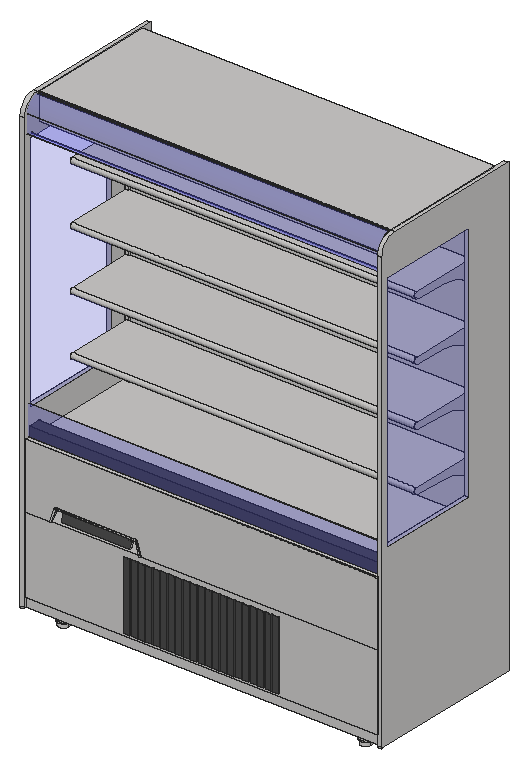
Revit family "Food-Service-Equipment_Oscartek_H78_1540", category Specialty Equipment, Revit 2026
Family settings
  Round Connector Dimension = Use Diameter
  Part Type = Normal
  Classification Number = 23.40.40.11
  Work Plane-Based = No
  Enable Cutting in Views = No
  Always vertical = Yes
  Cut with Voids When Loaded = No
  Maintain Annotation Orientation = No
  Shared = No
  Room Calculation Point = No
Parameters
  Width = 60 3/4"  # constant formula
  Weight in Pounds = 660
  Watts = Volts * FL Amps  # 2200 W
  Waste Water Discharge Temperature [instance] = -459.67 °F
  Volts = 220 V
  URL Cutsheet = "www.oscartek.com"
  URL = "www.oscartek.com"
  Type Mark [instance] = ""
  Type Comments = "As Specified"
  Test Data = "http://www.oscartek.com/company/clients.php"
  Status [instance] = ""
  Specification by User [instance] = ""
  Specification by Manufacturer = ""
  Specification = "https://www.arcat.com/arcatcos/cos48/arc48760.html"
  Show Square Side [instance] = no
  Show Round Side [instance] = not(Show Square Side)  # yes
  Serial Number = ""
  Seismic Rating = ""
  Sales Information = "http://www.oscartek.com/company/contact.php"
  SMACNA No = ""
  Revision Code [instance] = ""
  Revision = "R1_2018-10"
  Product Data = "http://www.oscartek.com/support/manuals/"
  Plumbing Remarks [instance] = ""
  Plumbing Connection Type [instance] = ""
  Phase = 1
  Omniclass Number and Title = ""
  Number of Poles [instance] = 1
  NAFEM Spec ID Number = ""
  Model = "H78 1540"
  Min Ckt Ampacity = 0 A
  Max Overcurrent Protection = 0 A
  Masterspec = ""
  Manufacturer Website = "http://www.oscartek.com/index.php"
  Manufacturer Phone - Toll Free = "855-885-2400"
  Manufacturer Phone = "650-342-2400"
  Manufacturer Fax = "650-342-7400"
  Manufacturer Address = "361 Beach Rd., Burlingame, CA 94010"
  Manufacturer = "OSCARTEK"
  Item Number [instance] = ""
  Installed By [instance] = ""
  Installation-Fabrication = "http://www.oscartek.com/support/manuals/"
  Indirect Waste Size = 1"
  Indirect Waste Flow [instance] = 0 GPM
  Indirect Waste Connection Type [instance] = ""
  Indirect Waste Connection Height = 0"
  Identify Quantity as Lot [instance] = yes
  HP = ""
  Green Building-LEED = "https://www.arcat.com/green/green_building.shtml"
  Furnished By [instance] = ""
  Foodservice Equipment Identifier [instance] = yes
  FL Amps = 10 A
  Electrical Remarks [instance] = ""
  Electric Connection Type [instance] = ""
  Elec Conn RI Height [instance] = 0"
  Elec Conn Connection Height [instance] = 0"
  Drawn By = "Sumex Design, Inc. / Robert S. Weygant, CSI, CDT, SCIP"
  Description = "MURO H78 SELF SERVE AIR SCREEN WALL REFRIGERATION SHOWCASES"
  Default Elevation = 0"
  Cycle = 60 Hz
  Copyright = "©Arcat Inc."
  Construction Details = "http://www.oscartek.com/support/manuals/"
  Conn Plug = ""
  Conn Conduit = yes
  Category = ""
  CSI MasterFormat = "11 41 33"
  CSI Master Format = "Foodservice Shelving"
  Building Codes = "https://www.arcat.com/arcatcos/cos48/arc48760.html"
  Apparent Power = if(Phase = 3, Volts * FL Amps * 1.73, Volts * FL Amps)  # 2200 VA
Reference planes (in)
  plane 1 "BACK": y = 0
  plane 2: z = 0
  plane 3 "LEFT": x = 0
  plane 4 "RIGHT": x = 60.75
  plane 5 "FRONT": y = -26.5
  plane 6 "TOP": z = 78.75
  plane 7 "Center Y": x = 30.375
  plane 8 "Center X": y = -13.25
  plane 9: z = 3.271
  plane 10: x = 0.75
  plane 11: x = 60
  plane 12: z = 16.75
Forms (in)
  Extrusion 1, solid, material "QF_Finishes_Stainless Steel", visible <- "Show Round Side"
    sketch origin (0, 0, 0) x (0, 1, 0) y (0, 0, 1)
      loop
        line (-26.46197, 2.20472) -> (0, 2.20472) -> (0, 78.75) -> (-23.75, 78.75)
        arc (-23.75, 78.75) -> (-25.69454, 77.94454) -> (-26.5, 76) r 2.75
        line (-26.5, 76) -> (-26.5, 2.24275)
        arc (-26.5, 2.24275) -> (-26.48886, 2.21586) -> (-26.46197, 2.20472) r 0.03803
      loop
        line (-25.5, 72.5) -> (-25.5, 31.95472) -> (-8.25, 31.95472) -> (-8.25, 72.5) -> (-25.5, 72.5)
    from 0 to 0.75
  Extrusion 2, solid, material "QF_Finishes_Stainless Steel", visible <- "Show Round Side"
    sketch origin (60.75, 0, 0) x (0, 1, 0) y (0, 0, 1)
      loop
        line (-26.46197, 2.20472) -> (0, 2.20472) -> (0, 78.75) -> (-23.75, 78.75)
        arc (-23.75, 78.75) -> (-25.69454, 77.94454) -> (-26.5, 76) r 2.75
        line (-26.5, 76) -> (-26.5, 2.24275)
        arc (-26.5, 2.24275) -> (-26.48886, 2.21586) -> (-26.46197, 2.20472) r 0.03803
      loop
        line (-25.5, 72.5) -> (-25.5, 31.95472) -> (-8.25, 31.95472) -> (-8.25, 72.5) -> (-25.5, 72.5)
    from 0 to -0.75
  Extrusion 3, solid, material "QF_Finishes_Stainless Steel"
    sketch origin (0, 0, 0) x (0, 1, 0) y (0, 0, 1)
      loop
        line (-26.34338, 2.40551) -> (-20.83158, 2.40551) -> (-20.83158, 3.937) -> (-26.34338, 3.937) -> (-26.34338, 2.40551)
      loop
        line (-6.97334, 2.40551) -> (-1.46154, 2.40551) -> (-1.46154, 3.937) -> (-6.97334, 3.937) -> (-6.97334, 2.40551)
    from 0.75 to 60
  Extrusion 4, solid, material "QF_Finishes_Stainless Steel"
    sketch origin (0, 0, 0) x (0, 1, 0) y (0, 0, 1)
      loop
        line (-26.40231, 3.937) -> (-1.86816, 3.937) -> (-1.86816, 74.20535) -> (-5.74413, 74.20535) -> (-5.74413, 20.17005) -> (-20.70592, 18.5975) -> (-24.50591, 20.79142) -> (-24.50591, 27.12554)
        arc (-24.50591, 27.12554) -> (-24.51736, 27.1533) -> (-24.54506, 27.16491) r 0.03937
        line (-24.54506, 27.16491) -> (-25.68701, 27.16491) -> (-25.68701, 27.63786)
        arc (-25.68701, 27.63786) -> (-25.69839, 27.66534) -> (-25.72586, 27.67672) r 0.03885
        line (-25.72586, 27.67672) -> (-26.41972, 27.67672)
        arc (-26.41972, 27.67672) -> (-26.44719, 27.66534) -> (-26.45857, 27.63788) r 0.03885
        line (-26.45857, 27.63788) -> (-26.46237, 16.75) -> (-26.40231, 16.75) -> (-26.40231, 3.937)
    from 0.75 to 60
  Extrusion 5, solid, material "QF_Finishes_Black"
    sketch origin (0, 0, 0) x (0, 1, 0) y (0, 0, 1)
      loop
        line (-25.68701, 27.16491) -> (-24.50591, 27.16491) -> (-24.50591, 20.79142) -> (-20.70592, 18.5975) -> (-5.74413, 20.17005) -> (-5.74413, 27.19737) -> (-22.53741, 27.19737) -> (-22.53741, 27.64347) -> (-23.70681, 29.31355)
        arc (-23.70681, 29.31355) -> (-23.72081, 29.32583) -> (-23.7389, 29.33026) r 0.03918
        line (-23.7389, 29.33026) -> (-25.64296, 29.33026)
        arc (-25.64296, 29.33026) -> (-25.67411, 29.31735) -> (-25.68701, 29.2862) r 0.04405
        line (-25.68701, 29.2862) -> (-25.68701, 27.16491)
    from 0.75 to 60
  Extrusion 6, solid, material "QF_Finishes_Stainless Steel"
    sketch origin (0, 0, 0) x (0, 1, 0) y (0, 0, 1)
      loop
        line (-22.51772, 27.20355) -> (-6.01382, 27.20355) -> (-6.01382, 27.67965) -> (-22.47332, 27.67965)
        arc (-22.47332, 27.67965) -> (-22.50472, 27.66665) -> (-22.51772, 27.63525) r 0.0444
        line (-22.51772, 27.63525) -> (-22.51772, 27.20355)
    from 0.75 to 60
  Extrusion 7, solid, material "QF_Finishes_Stainless Steel"
    sketch origin (0, -11.98827, 0) x (1, 0, 0) y (0, 1, 0)
      loop
        line (1.25, 5.99413) -> (1.75, 5.99413) -> (1.75, 6.24413) -> (1.25, 6.24413) -> (1.25, 5.99413)
      loop
        line (59.5, 5.99413) -> (59.5, 6.24413) -> (59, 6.24413) -> (59, 5.99413) -> (59.5, 5.99413)
    from 27.19737 to 73.95535
  Extrusion 8, solid, material "QF_Finishes_Stainless Steel"
    sketch origin (60.75, 0, 0) x (0, 1, 0) y (0, 0, 1)
      loop
        line (-5.99413, 36.89332) -> (-17.34146, 36.89332)
        arc (-17.34146, 36.89332) -> (-17.76886, 36.5717) -> (-17.57818, 36.07196) r 0.44479
        arc (-17.57818, 36.07196) -> (-17.19475, 35.89628) -> (-16.77882, 35.82639) r 1.60739
        line (-16.77882, 35.82639) -> (-11.71459, 35.64954)
        arc (-11.71459, 35.64954) -> (-8.59315, 34.99725) -> (-5.99413, 33.14954) r 7.79473
        line (-5.99413, 33.14954) -> (-5.99413, 36.89332)
      loop
        line (-5.99413, 46.69645) -> (-17.34146, 46.69645)
        arc (-17.34146, 46.69645) -> (-17.76886, 46.37483) -> (-17.57818, 45.87508) r 0.44479
        arc (-17.57818, 45.87508) -> (-17.19475, 45.69941) -> (-16.77882, 45.62952) r 1.60739
        line (-16.77882, 45.62952) -> (-11.71459, 45.45267)
        arc (-11.71459, 45.45267) -> (-8.59315, 44.80038) -> (-5.99413, 42.95267) r 7.79473
        line (-5.99413, 42.95267) -> (-5.99413, 46.69645)
      loop
        line (-5.99413, 56.49957) -> (-17.34146, 56.49958)
        arc (-17.34146, 56.49958) -> (-17.76886, 56.17796) -> (-17.57818, 55.67821) r 0.44479
        arc (-17.57818, 55.67821) -> (-17.19475, 55.50254) -> (-16.77882, 55.43264) r 1.60739
        line (-16.77882, 55.43264) -> (-11.71459, 55.2558)
        arc (-11.71459, 55.2558) -> (-8.59315, 54.6035) -> (-5.99413, 52.7558) r 7.79473
        line (-5.99413, 52.7558) -> (-5.99413, 56.49957)
      loop
        line (-5.99413, 66.3027) -> (-17.34146, 66.3027)
        arc (-17.34146, 66.3027) -> (-17.76886, 65.98109) -> (-17.57818, 65.48134) r 0.44479
        arc (-17.57818, 65.48134) -> (-17.19475, 65.30566) -> (-16.77882, 65.23577) r 1.60739
        line (-16.77882, 65.23577) -> (-11.71459, 65.05893)
        arc (-11.71459, 65.05893) -> (-8.59315, 64.40663) -> (-5.99413, 62.55893) r 7.79473
        line (-5.99413, 62.55893) -> (-5.99413, 66.3027)
    from -1.5625 to -1.4375
  Extrusion 9, solid, material "Glass"
    sketch origin (0, 0, 0) x (1, 0, 0) y (0, 1, 0)
      loop
        line (0.75, -25.8878) -> (60, -25.8878) -> (60, -25.68701) -> (0.75, -25.68701) -> (0.75, -25.8878)
    from 27.67672 to 32.79482
  Extrusion 10, solid, material "QF_Finishes_Stainless Steel"
    sketch origin (0, -21.8612, 29.41271) x (0, -0.264111, -0.964492) y (1, 0, 0)
      loop
        line (10.91245, 4.87364) -> (13.41245, 4.87364) -> (13.41245, 20.40346) -> (10.91245, 20.40346) -> (10.91245, 4.87364)
    from 0.96884 to 1.03549
  Extrusion 11, solid, material "QF_Finishes_Stainless Steel"
    sketch origin (0, 0, 0) x (1, 0, 0) y (0, 0, 1)
      loop
        line (5.64183, 18.76487) -> (5.02582, 16.75) -> (5.28724, 16.75) -> (5.8809, 18.69178)
        arc (5.8809, 18.69178) -> (5.97127, 18.81965) -> (6.11998, 18.86869) r 0.25
        line (6.11998, 18.86869) -> (19.13002, 18.86869)
        arc (19.13002, 18.86869) -> (19.27873, 18.81965) -> (19.3691, 18.69178) r 0.25
        line (19.3691, 18.69178) -> (19.96276, 16.75) -> (20.22418, 16.75) -> (19.60817, 18.76487)
        arc (19.60817, 18.76487) -> (19.42743, 19.02062) -> (19.13002, 19.11869) r 0.5
        line (19.13002, 19.11869) -> (6.11998, 19.11869)
        arc (6.11998, 19.11869) -> (5.82257, 19.02062) -> (5.64183, 18.76487) r 0.5
    from 25.13374 to 26.48762
  Extrusion 12, void
    sketch origin (0, 0, 0) x (1, 0, 0) y (0, 0, 1)
      loop
        arc (6.11998, 18.86869) -> (5.97127, 18.81965) -> (5.8809, 18.69178) r 0.25
        line (5.8809, 18.69178) -> (5.28724, 16.75) -> (19.96276, 16.75) -> (19.3691, 18.69178)
        arc (19.3691, 18.69178) -> (19.27873, 18.81965) -> (19.13002, 18.86869) r 0.25
        line (19.13002, 18.86869) -> (6.11998, 18.86869)
    from 25.13374 to 26.46149
  Extrusion 13, solid, material "QF_Finishes_Stainless Steel"
    sketch origin (0, 0, 0) x (0, 1, 0) y (0, 0, 1)
      loop
        line (-26.3643, 16.75) -> (-25.13374, 16.75) -> (-25.13374, 18.86869) -> (-25.80422, 18.86869) -> (-26.3643, 16.75)
    from 4.87364 to 20.40346
  Extrusion 14, solid, material "QF_Finishes_Stainless Steel"
    sketch origin (0, 0, 0) x (1, 0, 0) y (0, 1, 0)
      loop
        circle (56.75, -19.25) r 0.5
    from 16.18107 to 18.86869
  Extrusion 15, solid, material "QF_Finishes_Stainless Steel"
    sketch origin (0, -22.85993, 29.6862) x (0, -0.264111, -0.964492) y (1, 0, 0)
      loop
        arc (12.91245, 18.15026) -> (12.82092, 18.37123) -> (12.59995, 18.46276) r 0.3125
        line (12.59995, 18.46276) -> (12.02826, 18.46276)
        arc (12.02826, 18.46276) -> (11.80729, 18.37123) -> (11.71576, 18.15026) r 0.3125
        line (11.71576, 18.15026) -> (11.71576, 7.10053)
        arc (11.71576, 7.10053) -> (11.80752, 6.879) -> (12.02905, 6.78724) r 0.31329
        line (12.02905, 6.78724) -> (12.59995, 6.78724)
        arc (12.59995, 6.78724) -> (12.82092, 6.87877) -> (12.91245, 7.09974) r 0.3125
        line (12.91245, 7.09974) -> (12.91245, 18.15026)
    from 0 to 0.125
  Extrusion 16, solid, material "QF_Finishes_Black"
    sketch origin (0, -26.40231, 4.01088) x (0, 0, -1) y (1, 0, 0)
      loop
        line (-11.77886, 20.88176) -> (-11.77886, 19.88176) -> (-0.27886, 19.88176) -> (-0.27886, 20.88176) -> (-11.77886, 20.88176)
      loop
        line (-0.27886, 22.13176) -> (-11.77886, 22.13176) -> (-11.77886, 21.13176) -> (-0.27886, 21.13176) -> (-0.27886, 22.13176)
      loop
        line (-0.27886, 23.38176) -> (-11.77886, 23.38176) -> (-11.77886, 22.38176) -> (-0.27886, 22.38176) -> (-0.27886, 23.38176)
      loop
        line (-0.27886, 24.63176) -> (-11.77886, 24.63176) -> (-11.77886, 23.63176) -> (-0.27886, 23.63176) -> (-0.27886, 24.63176)
      loop
        line (-11.77886, 25.88176) -> (-11.77886, 24.88176) -> (-0.27886, 24.88176) -> (-0.27886, 25.88176) -> (-11.77886, 25.88176)
      loop
        line (-11.77886, 26.13176) -> (-0.27886, 26.13176) -> (-0.27886, 27.13176) -> (-11.77886, 27.13176) -> (-11.77886, 26.13176)
      loop
        line (-11.77886, 27.38176) -> (-0.27886, 27.38176) -> (-0.27886, 28.38176) -> (-11.77886, 28.38176) -> (-11.77886, 27.38176)
      loop
        line (-0.27886, 28.63176) -> (-0.27886, 29.63176) -> (-11.77886, 29.63176) -> (-11.77886, 28.63176) -> (-0.27886, 28.63176)
      loop
        line (-11.77886, 29.88176) -> (-0.27886, 29.88176) -> (-0.27886, 30.88176) -> (-11.77886, 30.88176) -> (-11.77886, 29.88176)
      loop
        line (-11.77886, 31.13176) -> (-0.27886, 31.13176) -> (-0.27886, 32.13176) -> (-11.77886, 32.13176) -> (-11.77886, 31.13176)
      loop
        line (-0.27886, 32.38176) -> (-0.27886, 33.38176) -> (-11.77886, 33.38176) -> (-11.77886, 32.38176) -> (-0.27886, 32.38176)
      loop
        line (-11.77886, 18.38176) -> (-11.77886, 17.38176) -> (-0.27886, 17.38176) -> (-0.27886, 18.38176) -> (-11.77886, 18.38176)
      loop
        line (-0.27886, 19.63176) -> (-11.77886, 19.63176) -> (-11.77886, 18.63176) -> (-0.27886, 18.63176) -> (-0.27886, 19.63176)
      loop
        line (-11.77886, 33.63176) -> (-0.27886, 33.63176) -> (-0.27886, 34.63176) -> (-11.77886, 34.63176) -> (-11.77886, 33.63176)
      loop
        line (-0.27886, 34.88176) -> (-0.27886, 35.88176) -> (-11.77886, 35.88176) -> (-11.77886, 34.88176) -> (-0.27886, 34.88176)
      loop
        line (-11.77886, 39.86824) -> (-0.27886, 39.86824) -> (-0.27886, 40.86824) -> (-11.77886, 40.86824) -> (-11.77886, 39.86824)
      loop
        line (-0.27886, 38.61824) -> (-0.27886, 39.61824) -> (-11.77886, 39.61824) -> (-11.77886, 38.61824) -> (-0.27886, 38.61824)
      loop
        line (-0.27886, 37.36824) -> (-0.27886, 38.36824) -> (-11.77886, 38.36824) -> (-11.77886, 37.36824) -> (-0.27886, 37.36824)
      loop
        line (-0.27886, 36.11824) -> (-0.27886, 37.11824) -> (-11.77886, 37.11824) -> (-11.77886, 36.11824) -> (-0.27886, 36.11824)
      loop
        line (-11.77886, 42.36824) -> (-0.27886, 42.36824) -> (-0.27886, 43.36824) -> (-11.77886, 43.36824) -> (-11.77886, 42.36824)
      loop
        line (-0.27886, 41.11824) -> (-0.27886, 42.11824) -> (-11.77886, 42.11824) -> (-11.77886, 41.11824) -> (-0.27886, 41.11824)
    from 0 to 0.0625
  Revolve 17, solid, material "QF_Finishes_Stainless Steel"
    sketch origin (28.62286, -23.62286, 0) x (1, 0, 0) y (0, 0, 1)
      loop
        line (-23.62286, 0) -> (-22.75672, 0) -> (-22.75672, 0.69791) -> (-22.67415, 0.69791)
        arc (-22.67415, 0.69791) -> (-22.56591, 0.7425) -> (-22.5205, 0.85039) r 0.15366
        line (-22.5205, 0.85039) -> (-22.5205, 2.40551) -> (-23.62286, 2.40551) -> (-23.62286, 0)
      axis (-23.62286, 0) -> (-23.62286, 2.40551)
    angle from 0 to 360
  Revolve 18, solid, material "QF_Finishes_Stainless Steel"
    sketch origin (28.62286, -4.25282, 0) x (1, 0, 0) y (0, 0, 1)
      loop
        line (-23.62286, 0) -> (-22.75672, 0) -> (-22.75672, 0.69791) -> (-22.67415, 0.69791)
        arc (-22.67415, 0.69791) -> (-22.56591, 0.7425) -> (-22.5205, 0.85039) r 0.15366
        line (-22.5205, 0.85039) -> (-22.5205, 2.40551) -> (-23.62286, 2.40551) -> (-23.62286, 0)
      axis (-23.62286, 0) -> (-23.62286, 2.40551)
    angle from 0 to 360
  Revolve 19, solid, material "QF_Finishes_Stainless Steel"
    sketch origin (-3.37286, -23.62286, 0) x (-1, 0, 0) y (0, 0, -1)
      loop
        line (-59.12286, 0) -> (-59.12286, -2.40551) -> (-58.0205, -2.40551) -> (-58.0205, -0.85039)
        arc (-58.0205, -0.85039) -> (-58.06591, -0.7425) -> (-58.17415, -0.69791) r 0.15366
        line (-58.17415, -0.69791) -> (-58.25672, -0.69791) -> (-58.25672, 0) -> (-59.12286, 0)
      axis (-59.12286, 0) -> (-59.12286, -2.40551)
    angle from 0 to 360
  Revolve 20, solid, material "QF_Finishes_Stainless Steel"
    sketch origin (-3.37286, -4.25282, 0) x (-1, 0, 0) y (0, 0, -1)
      loop
        line (-59.12286, 0) -> (-59.12286, -2.40551) -> (-58.0205, -2.40551) -> (-58.0205, -0.85039)
        arc (-58.0205, -0.85039) -> (-58.06591, -0.7425) -> (-58.17415, -0.69791) r 0.15366
        line (-58.17415, -0.69791) -> (-58.25672, -0.69791) -> (-58.25672, 0) -> (-59.12286, 0)
      axis (-59.12286, 0) -> (-59.12286, -2.40551)
    angle from 0 to 360
  Extrusion 21, solid, material "Glass", visible <- "Show Round Side"
    sketch origin (0, 0, 0) x (0, -1, 0) y (0, 0, 1)
      loop
        line (8.25, 72.5) -> (8.25, 31.95472) -> (25.5, 31.95472) -> (25.5, 72.5) -> (8.25, 72.5)
    from 0 to -0.75
  Extrusion 22, solid, material "Glass", visible <- "Show Round Side"
    sketch origin (60.75, 0, 0) x (0, 1, 0) y (0, 0, 1)
      loop
        line (-8.25, 72.5) -> (-25.5, 72.5) -> (-25.5, 31.95472) -> (-8.25, 31.95472) -> (-8.25, 72.5)
    from 0 to -0.75
  Extrusion 23, solid, material "QF_Finishes_Stainless Steel"
    sketch origin (0, 0, 0) x (0, 1, 0) y (0, 0, -1)
      loop
        line (-5.99413, -36.89332) -> (-5.99413, -33.14954)
        arc (-5.99413, -33.14954) -> (-8.59315, -34.99725) -> (-11.71459, -35.64954) r 7.79473
        line (-11.71459, -35.64954) -> (-16.77882, -35.82639)
        arc (-16.77882, -35.82639) -> (-17.19475, -35.89628) -> (-17.57818, -36.07196) r 1.60739
        arc (-17.57818, -36.07196) -> (-17.76886, -36.5717) -> (-17.34146, -36.89332) r 0.44479
        line (-17.34146, -36.89332) -> (-5.99413, -36.89332)
      loop
        line (-5.99413, -46.69645) -> (-5.99413, -42.95267)
        arc (-5.99413, -42.95267) -> (-8.59315, -44.80038) -> (-11.71459, -45.45267) r 7.79473
        line (-11.71459, -45.45267) -> (-16.77882, -45.62952)
        arc (-16.77882, -45.62952) -> (-17.19475, -45.69941) -> (-17.57818, -45.87508) r 1.60739
        arc (-17.57818, -45.87508) -> (-17.76886, -46.37483) -> (-17.34146, -46.69645) r 0.44479
        line (-17.34146, -46.69645) -> (-5.99413, -46.69645)
      loop
        line (-5.99413, -56.49957) -> (-5.99413, -52.7558)
        arc (-5.99413, -52.7558) -> (-8.59315, -54.6035) -> (-11.71459, -55.2558) r 7.79473
        line (-11.71459, -55.2558) -> (-16.77882, -55.43264)
        arc (-16.77882, -55.43264) -> (-17.19475, -55.50254) -> (-17.57818, -55.67821) r 1.60739
        arc (-17.57818, -55.67821) -> (-17.76886, -56.17796) -> (-17.34146, -56.49958) r 0.44479
        line (-17.34146, -56.49958) -> (-5.99413, -56.49957)
      loop
        line (-5.99413, -66.3027) -> (-5.99413, -62.55893)
        arc (-5.99413, -62.55893) -> (-8.59315, -64.40663) -> (-11.71459, -65.05893) r 7.79473
        line (-11.71459, -65.05893) -> (-16.77882, -65.23577)
        arc (-16.77882, -65.23577) -> (-17.19475, -65.30566) -> (-17.57818, -65.48134) r 1.60739
        arc (-17.57818, -65.48134) -> (-17.76886, -65.98109) -> (-17.34146, -66.3027) r 0.44479
        line (-17.34146, -66.3027) -> (-5.99413, -66.3027)
    from -1.5625 to -1.4375
  Extrusion 24, solid, material "QF_Finishes_Stainless Steel"
    sketch origin (0, 0, 0) x (0, 1, 0) y (0, 0, -1)
      loop
        line (-5.99413, -36.89332) -> (-5.99413, -35.82639) -> (-16.77882, -35.82639)
        arc (-16.77882, -35.82639) -> (-17.19475, -35.89628) -> (-17.57818, -36.07196) r 1.60739
        arc (-17.57818, -36.07196) -> (-17.76886, -36.5717) -> (-17.34146, -36.89332) r 0.44479
        line (-17.34146, -36.89332) -> (-5.99413, -36.89332)
      loop
        line (-5.99413, -46.69645) -> (-5.99413, -45.62952) -> (-16.77882, -45.62952)
        arc (-16.77882, -45.62952) -> (-17.19475, -45.69941) -> (-17.57818, -45.87508) r 1.60739
        arc (-17.57818, -45.87508) -> (-17.76886, -46.37483) -> (-17.34146, -46.69645) r 0.44479
        line (-17.34146, -46.69645) -> (-5.99413, -46.69645)
      loop
        line (-5.99413, -56.49957) -> (-5.99413, -55.43264) -> (-16.77882, -55.43264)
        arc (-16.77882, -55.43264) -> (-17.19475, -55.50254) -> (-17.57818, -55.67821) r 1.60739
        arc (-17.57818, -55.67821) -> (-17.76886, -56.17796) -> (-17.34146, -56.49958) r 0.44479
        line (-17.34146, -56.49958) -> (-5.99413, -56.49957)
      loop
        line (-5.99413, -66.3027) -> (-5.99413, -65.23577) -> (-16.77882, -65.23577)
        arc (-16.77882, -65.23577) -> (-17.19475, -65.30566) -> (-17.57818, -65.48134) r 1.60739
        arc (-17.57818, -65.48134) -> (-17.76886, -65.98109) -> (-17.34146, -66.3027) r 0.44479
        line (-17.34146, -66.3027) -> (-5.99413, -66.3027)
    from -59.1875 to -1.5625
  Extrusion 25, solid, material "QF_Finishes_Stainless Steel", visible <- "Show Round Side"
    sketch origin (0, 0, 0) x (0, 1, 0) y (0, 0, 1)
      loop
        line (-1.86816, 74.20535) -> (-1.86816, 78.75) -> (-23.61812, 78.75) -> (-23.61812, 74.20535) -> (-1.86816, 74.20535)
      loop
        arc (-26.12086, 73.35631) -> (-26.07664, 73.24957) -> (-25.9699, 73.20535) r 0.15096
        line (-25.9699, 73.20535) -> (-25.18659, 73.20535)
        arc (-25.18659, 73.20535) -> (-25.12409, 73.26785) -> (-25.18659, 73.33035) r 0.0625
        line (-25.18659, 73.33035) -> (-25.99586, 73.33035) -> (-25.99586, 76.375)
        arc (-25.99586, 76.375) -> (-25.37346, 77.8776) -> (-23.87086, 78.5) r 2.125
        line (-23.87086, 78.5) -> (-23.63863, 78.5) -> (-23.63863, 78.625) -> (-23.87086, 78.625)
        arc (-23.87086, 78.625) -> (-25.46185, 77.96599) -> (-26.12086, 76.375) r 2.25
        line (-26.12086, 76.375) -> (-26.12086, 73.35631)
    from 0.75 to 60
  Extrusion 26, solid, material "QF_Finishes_Stainless Steel", visible <- "Show Square Side"
    sketch origin (0, 0, 0) x (0, 1, 0) y (0, 0, 1)
      loop
        line (-26.46197, 2.20472) -> (0, 2.20472) -> (0, 78.5) -> (-26.46855, 78.5)
        arc (-26.46855, 78.5) -> (-26.49079, 78.49079) -> (-26.5, 78.46855) r 0.03145
        line (-26.5, 78.46855) -> (-26.5, 2.24275)
        arc (-26.5, 2.24275) -> (-26.48886, 2.21586) -> (-26.46197, 2.20472) r 0.03803
    from 0 to 0.75
  Extrusion 27, solid, material "QF_Finishes_Stainless Steel", visible <- "Show Square Side"
    sketch origin (60.75, 0, 0) x (0, 1, 0) y (0, 0, 1)
      loop
        line (-26.46197, 2.20472) -> (0, 2.20472) -> (0, 78.5) -> (-26.46855, 78.5)
        arc (-26.46855, 78.5) -> (-26.49079, 78.49079) -> (-26.5, 78.46855) r 0.03145
        line (-26.5, 78.46855) -> (-26.5, 2.24275)
        arc (-26.5, 2.24275) -> (-26.48886, 2.21586) -> (-26.46197, 2.20472) r 0.03803
    from 0 to -0.75
  Extrusion 28, solid, material "QF_Finishes_Stainless Steel", visible <- "Show Square Side"
    sketch origin (0, 0, 0) x (0, 1, 0) y (0, 0, 1)
      loop
        line (-1.86816, 73.95535) -> (-1.86816, 78.5) -> (-26.46855, 78.5)
        arc (-26.46855, 78.5) -> (-26.49079, 78.49079) -> (-26.5, 78.46855) r 0.03145
        line (-26.5, 78.46855) -> (-26.5, 72.95281)
        arc (-26.5, 72.95281) -> (-26.4861, 72.91926) -> (-26.45256, 72.90536) r 0.04744
        line (-26.45256, 72.90536) -> (-26.06693, 72.90536)
        arc (-26.06693, 72.90536) -> (-26.02559, 72.9467) -> (-26.06693, 72.98804) r 0.04134
        line (-26.06693, 72.98804) -> (-26.33346, 72.98804) -> (-26.33346, 74.19651) -> (-25.63361, 75.196) -> (-25.03709, 75.196)
        arc (-25.03709, 75.196) -> (-24.50394, 74.98804) -> (-23.97079, 75.196) r 0.7874
        line (-23.97079, 75.196) -> (-23.61812, 75.196) -> (-23.61812, 73.95535) -> (-1.86816, 73.95535)
    from 0.75 to 60
Cuts and joins
  Extrusion 12 cuts Extrusion 4
  joined: Extrusion 4, Extrusion 10, Extrusion 11, Extrusion 13
  joined: Extrusion 8, Extrusion 23, Extrusion 24
Lines and regions (in)
  symbolic lines
    curve 1: line (0.75, 0, 0) -> (0, 0, 0)
    curve 2: line (0.75, -26.5, 0) -> (0.75, 0, 0)
    curve 3: line (0, -26.5, 0) -> (0.75, -26.5, 0)
    curve 4: line (0, 0, 0) -> (0, -26.5, 0)
    curve 5: line (60, -26.5, 0) -> (60.75, -26.5, 0)
    curve 6: line (60, 0, 0) -> (60, -26.5, 0)
    curve 7: line (60.75, 0, 0) -> (60, 0, 0)
    curve 8: line (60.75, -26.5, 0) -> (60.75, 0, 0)
    curve 9: line (60, -1.46154, 0) -> (0.75, -1.46154, 0)
    curve 10: line (0.75, -26.25, 0) -> (60, -26.25, 0)
  symbolic lines, visible <- "Show Round Side"
    curve 11: line (0.75, -23.61812, 0) -> (60, -23.61812, 0)
Dimensions and locks (in)
  equal spacing: plane 3 "LEFT", plane 7 "Center Y", plane 4 "RIGHT"
  "Width": plane 3 "LEFT" to plane 4 "RIGHT"
  equal spacing: plane 5 "FRONT", plane 8 "Center X", plane 1 "BACK"
  plane 5 "FRONT" to plane 1 "BACK" = 26 1/2"
  plane 6 "TOP" to level = 78 3/4"
  locked: plane 3 "LEFT" to plane 10 at 0.75
  locked: plane 11 to plane 4 "RIGHT" at 0.75
  Extrusion 8 to Extrusion 8 to plane 4 "RIGHT" = 1/8" locked, 1 7/16" locked
  plane 12 to level = 16 3/4"
  Extrusion 11 sketch curve to Extrusion 11 sketch curve to Extrusion 11 sketch curve to Extrusion 11 sketch curve to Extrusion 11 sketch curve to Extrusion 11 sketch curve to Extrusion 11 sketch curve to Extrusion 11 sketch curve = 0.26142" locked, 0.83274" locked, 0" locked, 13.01004" locked, 0" locked, 0.83274" locked, 0.26142" locked
  plane 3 "LEFT" to Extrusion 10 sketch curve to Extrusion 10 sketch curve = 4.87364" locked, 15.52982" locked
  Extrusion 12 sketch curve to Extrusion 12 sketch curve to Extrusion 12 sketch curve to Extrusion 12 sketch curve = 0.83274" locked, 13.01004" locked, 0.83274" locked
  Revolve 19 sketch curve to Revolve 19 sketch curve to Revolve 19 sketch curve to Revolve 19 sketch curve to plane 4 "RIGHT" = 0.15365" locked, 0.08257" locked, 0.86614" locked, 5" locked
  Revolve 20 sketch curve to Revolve 20 sketch curve to Revolve 20 sketch curve to Revolve 20 sketch curve to plane 4 "RIGHT" = 0.15365" locked, 0.08257" locked, 0.86614" locked, 5" locked
  locked: Extrusion 23 to Extrusion 23 at 0.125
  aligned and locked: level to plane 2
  aligned and locked: plane 6 "TOP" to Extrusion 1 sketch curve
  aligned and locked: Extrusion 2 to plane 11
  aligned and locked: plane 10 to Extrusion 3
  aligned and locked: plane 11 to Extrusion 3
  aligned and locked: plane 10 to Extrusion 4
  aligned and locked: plane 11 to Extrusion 4
  aligned and locked: plane 10 to Extrusion 5
  aligned and locked: plane 11 to Extrusion 5
  aligned and locked: plane 10 to Extrusion 6
  aligned and locked: plane 11 to Extrusion 6
  aligned and locked: Extrusion 24 to Extrusion 23
  aligned and locked: Extrusion 24 to Extrusion 8
  aligned and locked: plane 11 to Extrusion 28
  aligned and locked: plane 11 to Extrusion 25
Automatic sketch dimensions
  plane 1 "BACK" to curve 1 = 0"
  curve 1 to plane 3 "LEFT" = 0"
  plane 5 "FRONT" to curve 3 = 0"
  curve 3 to plane 10 = 0"
  plane 5 "FRONT" to curve 6 = 0"
  curve 6 to plane 11 = 0"
  plane 1 "BACK" to curve 7 = 0"
  curve 7 to plane 4 "RIGHT" = 0"
  curve 10 to plane 5 "FRONT" = 1/4"
  plane 1 "BACK" to curve 9 = 1.46154"
  Extrusion 1 sketch curve to plane 5 "FRONT" = 0"
  Extrusion 1 sketch curve to plane 1 "BACK" = 0"
  Extrusion 1 sketch curve to plane 5 "FRONT" = 0.03803"
  Extrusion 1 sketch curve to plane 5 "FRONT" = 1"
  Extrusion 1 sketch curve to plane 5 "FRONT" = 2 3/4"
  plane 8 "Center X" to Extrusion 1 sketch curve = 5"
  Extrusion 1 sketch curve to Extrusion 1 sketch curve = 3 1/2"
  plane 12 to Extrusion 1 sketch curve = 15.20472"
  Extrusion 1 sketch curve to plane 9 = 1.02825"
  Extrusion 2 sketch curve to plane 5 "FRONT" = 0"
  Extrusion 2 sketch curve to plane 6 "TOP" = 0"
  Extrusion 2 sketch curve to plane 1 "BACK" = 0"
  Extrusion 2 sketch curve to plane 5 "FRONT" = 0.03803"
  Extrusion 2 sketch curve to plane 5 "FRONT" = 1"
  Extrusion 2 sketch curve to Extrusion 2 sketch curve = 2 3/4"
  plane 8 "Center X" to Extrusion 2 sketch curve = 5"
  Extrusion 2 sketch curve to Extrusion 2 sketch curve = 3 1/2"
  plane 12 to Extrusion 2 sketch curve = 15.20472"
  Extrusion 2 sketch curve to plane 9 = 1.02825"
  Extrusion 3 sketch curve to plane 5 "FRONT" = 0.15662"
  plane 9 to Extrusion 3 sketch curve = 0.666"  (x2)
  Extrusion 3 sketch curve to Extrusion 3 sketch curve = 5.5118"
  Extrusion 3 sketch curve to plane 9 = 0.86549"  (x2)
  plane 8 "Center X" to Extrusion 3 sketch curve = 6.27666"
  plane 1 "BACK" to Extrusion 3 sketch curve = 1.46154"
  Extrusion 4 sketch curve to plane 12 = 0"
  Extrusion 4 sketch curve to plane 5 "FRONT" = 0.03763"
  Extrusion 4 sketch curve to plane 5 "FRONT" = 0.04143"
  Extrusion 4 sketch curve to Extrusion 4 sketch curve = 0.03885"  (x3)
  Extrusion 4 sketch curve to plane 5 "FRONT" = 0.09769"
  Extrusion 4 sketch curve to Extrusion 4 sketch curve = 0.69386"
  Extrusion 4 sketch curve to Extrusion 4 sketch curve = 1.14173"
  Extrusion 4 sketch curve to Extrusion 4 sketch curve = 0.00022"
  Extrusion 4 sketch curve to Extrusion 4 sketch curve = 0.03937"
  plane 12 to Extrusion 4 sketch curve = 1.8475"
  Extrusion 4 sketch curve to Extrusion 4 sketch curve = 3.79999"
  plane 1 "BACK" to Extrusion 4 sketch curve = 5.74413"
  plane 9 to Extrusion 4 sketch curve = 0.666"
  plane 1 "BACK" to Extrusion 4 sketch curve = 1.86816"
  plane 12 to Extrusion 4 sketch curve = 3.42005"
  plane 12 to Extrusion 4 sketch curve = 4.04142"
  Extrusion 4 sketch curve to Extrusion 4 sketch curve = 6.33411"
  Extrusion 4 sketch curve to Extrusion 4 sketch curve = 0.47296"
  Extrusion 5 sketch curve to plane 5 "FRONT" = 0.81299"
  Extrusion 5 sketch curve to Extrusion 5 sketch curve = 0.04405"
  Extrusion 5 sketch curve to Extrusion 5 sketch curve = 0"  (x2)
  Extrusion 5 sketch curve to Extrusion 5 sketch curve = 1.1811"
  Extrusion 5 sketch curve to Extrusion 5 sketch curve = 1.90406"
  Extrusion 5 sketch curve to Extrusion 5 sketch curve = 0.03209"
  Extrusion 5 sketch curve to Extrusion 5 sketch curve = 1.9685"
  plane 12 to Extrusion 5 sketch curve = 1.8475"
  Extrusion 5 sketch curve to Extrusion 5 sketch curve = 3.79999"
  plane 1 "BACK" to Extrusion 5 sketch curve = 5.74413"
  plane 12 to Extrusion 5 sketch curve = 3.42005"
  plane 12 to Extrusion 5 sketch curve = 4.04142"
  Extrusion 5 sketch curve to Extrusion 5 sketch curve = 6.37348"
  Extrusion 5 sketch curve to Extrusion 5 sketch curve = 7.02732"
  Extrusion 5 sketch curve to Extrusion 5 sketch curve = 0.03247"
  Extrusion 5 sketch curve to Extrusion 5 sketch curve = 0.4461"
  Extrusion 5 sketch curve to Extrusion 5 sketch curve = 2.1213"
  Extrusion 5 sketch curve to Extrusion 5 sketch curve = 0.00488"
  Extrusion 5 sketch curve to Extrusion 5 sketch curve = 0.02247"
  Extrusion 6 sketch curve to plane 5 "FRONT" = 3.98228"
  Extrusion 6 sketch curve to Extrusion 6 sketch curve = 0.0444"
  plane 1 "BACK" to Extrusion 6 sketch curve = 6.01382"
  plane 12 to Extrusion 6 sketch curve = 10.45355"
  Extrusion 6 sketch curve to Extrusion 6 sketch curve = 0.4317"
  plane 10 to Extrusion 7 sketch curve = 1/2"
  Extrusion 7 sketch curve to Extrusion 7 sketch curve = 1/2"  (x2)
  plane 11 to Extrusion 7 sketch curve = 1"
  Extrusion 7 sketch curve to plane 1 "BACK" = 5.74413"  (x2)
  Extrusion 7 sketch curve to Extrusion 7 sketch curve = 1/4"  (x2)
  Extrusion 8 sketch curve to plane 8 "Center X" = 4.32818"  (x4)
  Extrusion 8 sketch curve to Extrusion 8 sketch curve = 0"  (x8)
  Extrusion 8 sketch curve to Extrusion 8 sketch curve = 0.23672"  (x4)
  Extrusion 8 sketch curve to Extrusion 8 sketch curve = 0.79936"  (x4)
  Extrusion 8 sketch curve to Extrusion 8 sketch curve = 0.61874"  (x4)
  plane 8 "Center X" to Extrusion 8 sketch curve = 1.53541"  (x4)
  Extrusion 8 sketch curve to Extrusion 8 sketch curve = 5.72045"  (x3)
  plane 1 "BACK" to Extrusion 8 sketch curve = 5.99413"
  plane 12 to Extrusion 8 sketch curve = 11.10482"
  Extrusion 8 sketch curve to Extrusion 8 sketch curve = 5.29473"
  Extrusion 8 sketch curve to Extrusion 8 sketch curve = 0.17685"  (x4)
  Extrusion 8 sketch curve to Extrusion 8 sketch curve = 0.24557"  (x4)
  Extrusion 8 sketch curve to Extrusion 8 sketch curve = 3.74377"  (x4)
  Extrusion 8 sketch curve to Extrusion 8 sketch curve = 2.0084"  (x3)
  Extrusion 8 sketch curve to Extrusion 8 sketch curve = 6.05935"  (x3)
  Extrusion 9 sketch curve to plane 10 = 0"
  Extrusion 9 sketch curve to plane 11 = 0"
  Extrusion 9 sketch curve to plane 5 "FRONT" = 0.6122"
  Extrusion 9 sketch curve to Extrusion 9 sketch curve = 0.20079"
  Extrusion 10 sketch curve to Extrusion 10 sketch curve = 2 1/2"
  Extrusion 11 sketch curve to Extrusion 11 sketch curve = 0"  (x4)
  Extrusion 11 sketch curve to plane 12 = 0"  (x2)
  Extrusion 11 sketch curve to plane 10 = 4.27582"
  Extrusion 11 sketch curve to Extrusion 11 sketch curve = 0.47815"
  plane 12 to Extrusion 11 sketch curve = 1.94178"  (x2)
  Extrusion 11 sketch curve to Extrusion 11 sketch curve = 0.23908"  (x3)
  Extrusion 11 sketch curve to Extrusion 11 sketch curve = 0.07309"  (x2)
  Extrusion 12 sketch curve to plane 12 = 0"
  Extrusion 12 sketch curve to plane 10 = 4.53724"
  plane 12 to Extrusion 12 sketch curve = 1.94178"
  Extrusion 12 sketch curve to Extrusion 12 sketch curve = 0.23908"  (x2)
  Extrusion 12 sketch curve to Extrusion 12 sketch curve = 0.07309"
  Extrusion 12 sketch curve to Extrusion 12 sketch curve = 1/4"
  Extrusion 13 sketch curve to plane 12 = 0"
  Extrusion 13 sketch curve to plane 5 "FRONT" = 0.1357"
  Extrusion 13 sketch curve to plane 5 "FRONT" = 0.69578"
  Extrusion 13 sketch curve to Extrusion 13 sketch curve = 0.67048"
  plane 12 to Extrusion 13 sketch curve = 2.11869"
  Extrusion 14 sketch curve to plane 11 = 3 1/4"
  Extrusion 14 sketch curve to plane 8 "Center X" = 6"
  Extrusion 15 sketch curve to Extrusion 10 = 0.80331"
  Extrusion 15 sketch curve to Extrusion 15 sketch curve = 5/16"  (x2)
  Extrusion 15 sketch curve to Extrusion 15 sketch curve = 0.31329"
  Extrusion 15 sketch curve to Extrusion 15 sketch curve = 0.57169"
  Extrusion 15 sketch curve to Extrusion 15 sketch curve = 0.5709"
  Extrusion 15 sketch curve to Extrusion 10 = 1.9136"
  Extrusion 15 sketch curve to Extrusion 10 = 2.2532"
  Revolve 17 sketch curve to level = 0"
  Revolve 17 sketch curve to plane 10 = 4 1/4"
  Revolve 17 sketch curve to Revolve 17 sketch curve = 0"  (x2)
  level to Revolve 17 sketch curve = 0.69791"
  Revolve 17 sketch curve to Revolve 17 sketch curve = 0.86614"
  Revolve 17 sketch curve to Revolve 17 sketch curve = 0.08257"
  Revolve 17 sketch curve to Revolve 17 sketch curve = 0.15365"
  Revolve 17 sketch curve to Revolve 17 sketch curve = 0.15248"
  Revolve 17 sketch curve to plane 9 = 0.86549"
  Revolve 17 sketch curve to Revolve 17 sketch curve = 1/4"
  Revolve 18 sketch curve to level = 0"
  Revolve 18 sketch curve to plane 10 = 4 1/4"
  Revolve 18 sketch curve to Revolve 18 sketch curve = 0"  (x2)
  level to Revolve 18 sketch curve = 0.69791"
  Revolve 18 sketch curve to Revolve 18 sketch curve = 0.86614"
  Revolve 18 sketch curve to Revolve 18 sketch curve = 0.08257"
  Revolve 18 sketch curve to Revolve 18 sketch curve = 0.15365"
  Revolve 18 sketch curve to Revolve 18 sketch curve = 0.15248"
  Revolve 18 sketch curve to plane 9 = 0.86549"
  Revolve 18 sketch curve to Revolve 18 sketch curve = 1/4"
  Revolve 19 sketch curve to level = 0"
  Revolve 19 sketch curve to Revolve 19 sketch curve = 0"
  Revolve 19 sketch curve to Revolve 19 sketch curve = 0.69791"
  Revolve 19 sketch curve to Revolve 19 sketch curve = 0.15248"
  Revolve 19 sketch curve to plane 9 = 0.86549"  (x2)
  Revolve 19 sketch curve to Revolve 19 sketch curve = 1/4"
  Revolve 20 sketch curve to level = 0"
  Revolve 20 sketch curve to Revolve 20 sketch curve = 0"
  Revolve 20 sketch curve to Revolve 20 sketch curve = 0.69791"
  Revolve 20 sketch curve to Revolve 20 sketch curve = 0.15248"
  Revolve 20 sketch curve to plane 9 = 0.86549"  (x2)
  Revolve 20 sketch curve to Revolve 20 sketch curve = 1/4"
  Extrusion 21 sketch curve to Extrusion 1 = 0"  (x4)
  Extrusion 22 sketch curve to plane 5 "FRONT" = 1"
  plane 8 "Center X" to Extrusion 22 sketch curve = 5"
  plane 12 to Extrusion 22 sketch curve = 15.20472"
  Extrusion 22 sketch curve to plane 6 "TOP" = 6 1/4"
  Extrusion 23 sketch curve to plane 8 "Center X" = 4.32818"  (x4)
  Extrusion 23 sketch curve to Extrusion 23 sketch curve = 0"  (x8)
  Extrusion 23 sketch curve to Extrusion 23 sketch curve = 0.23672"  (x4)
  Extrusion 23 sketch curve to Extrusion 23 sketch curve = 0.79936"  (x4)
  Extrusion 23 sketch curve to Extrusion 23 sketch curve = 0.61874"  (x4)
  plane 8 "Center X" to Extrusion 23 sketch curve = 1.53541"  (x4)
  Extrusion 23 sketch curve to Extrusion 23 sketch curve = 5.72045"  (x3)
  plane 1 "BACK" to Extrusion 23 sketch curve = 5.99413"
  Extrusion 23 sketch curve to plane 6 "TOP" = 11.90781"
  Extrusion 23 sketch curve to Extrusion 23 sketch curve = 0.53948"  (x5)
  Extrusion 23 sketch curve to Extrusion 23 sketch curve = 0.17685"
  Extrusion 23 sketch curve to Extrusion 23 sketch curve = 3.74377"  (x4)
  Extrusion 23 sketch curve to Extrusion 23 sketch curve = 0.22514"  (x3)
  Extrusion 23 sketch curve to Extrusion 23 sketch curve = 0.76463"  (x3)
  Extrusion 23 sketch curve to Extrusion 23 sketch curve = 2.0084"  (x3)
  Extrusion 24 sketch curve to plane 8 "Center X" = 4.32818"  (x4)
  Extrusion 24 sketch curve to Extrusion 24 sketch curve = 0"  (x8)
  Extrusion 24 sketch curve to Extrusion 24 sketch curve = 0.23672"  (x4)
  Extrusion 24 sketch curve to Extrusion 24 sketch curve = 0.79936"  (x4)
  Extrusion 24 sketch curve to Extrusion 24 sketch curve = 0.61874"  (x4)
  plane 1 "BACK" to Extrusion 24 sketch curve = 5.99413"  (x4)
  Extrusion 24 sketch curve to plane 6 "TOP" = 11.90781"
  Extrusion 24 sketch curve to Extrusion 24 sketch curve = 0.53948"  (x4)
  Extrusion 24 sketch curve to Extrusion 24 sketch curve = 1.06693"  (x4)
  Extrusion 24 sketch curve to Extrusion 24 sketch curve = 8.19671"  (x3)
  Extrusion 25 sketch curve to Extrusion 25 sketch curve = 0"  (x2)
  Extrusion 25 sketch curve to plane 6 "TOP" = 0"
  Extrusion 25 sketch curve to plane 5 "FRONT" = 0.37914"
  Extrusion 25 sketch curve to Extrusion 25 sketch curve = 1/8"
  Extrusion 25 sketch curve to Extrusion 25 sketch curve = 0.02596"
  Extrusion 25 sketch curve to Extrusion 25 sketch curve = 0.78331"
  Extrusion 25 sketch curve to plane 6 "TOP" = 1/8"
  Extrusion 25 sketch curve to plane 5 "FRONT" = 2.62914"
  Extrusion 25 sketch curve to Extrusion 25 sketch curve = 0.23223"
  Extrusion 25 sketch curve to Extrusion 25 sketch curve = 0.02051"
  plane 1 "BACK" to Extrusion 25 sketch curve = 1.86816"
  Extrusion 25 sketch curve to Extrusion 25 sketch curve = 3.16965"
  Extrusion 25 sketch curve to Extrusion 25 sketch curve = 1/16"
  Extrusion 25 sketch curve to Extrusion 25 sketch curve = 7/8"
  Extrusion 4 sketch curve to plane 6 "TOP" = 4.54465"
  Extrusion 26 sketch curve to plane 5 "FRONT" = 0"
  Extrusion 26 sketch curve to plane 1 "BACK" = 0"
  Extrusion 26 sketch curve to plane 5 "FRONT" = 0.03145"
  Extrusion 26 sketch curve to plane 5 "FRONT" = 0.03803"
  Extrusion 26 sketch curve to plane 9 = 1.06628"
  Extrusion 26 sketch curve to plane 6 "TOP" = 0.28145"
  Extrusion 28 sketch curve to plane 5 "FRONT" = 0"
  Extrusion 28 sketch curve to plane 5 "FRONT" = 0.03145"
  Extrusion 28 sketch curve to plane 5 "FRONT" = 0.04744"
  Extrusion 28 sketch curve to plane 5 "FRONT" = 0.16654"
  Extrusion 28 sketch curve to Extrusion 28 sketch curve = 0.26653"
  Extrusion 28 sketch curve to plane 5 "FRONT" = 0.86639"
  Extrusion 28 sketch curve to Extrusion 28 sketch curve = 0.59653"
  Extrusion 28 sketch curve to Extrusion 28 sketch curve = 0.53315"  (x2)
  Extrusion 28 sketch curve to Extrusion 28 sketch curve = 0.35268"
  Extrusion 28 sketch curve to plane 6 "TOP" = 1/4"
  plane 1 "BACK" to Extrusion 28 sketch curve = 1.86816"
  Extrusion 28 sketch curve to plane 6 "TOP" = 2.97456"
  Extrusion 28 sketch curve to Extrusion 28 sketch curve = 0.57944"
  Extrusion 28 sketch curve to Extrusion 28 sketch curve = 0.99949"
  Extrusion 28 sketch curve to Extrusion 28 sketch curve = 4.54465"
  Extrusion 28 sketch curve to Extrusion 28 sketch curve = 1.20847"
  Extrusion 28 sketch curve to Extrusion 28 sketch curve = 0.03523"
  Extrusion 27 sketch curve to plane 5 "FRONT" = 0"
  Extrusion 27 sketch curve to plane 1 "BACK" = 0"
  Extrusion 27 sketch curve to plane 5 "FRONT" = 0.03145"
  Extrusion 27 sketch curve to plane 5 "FRONT" = 0.03803"
  Extrusion 27 sketch curve to plane 9 = 1.06628"
  Extrusion 27 sketch curve to plane 6 "TOP" = 0.28145"
  Extrusion 4 to Extrusion 16 sketch curve = 0.96026"  (x11)
  Extrusion 16 sketch curve to Extrusion 16 sketch curve = 0"  (x22)
  Extrusion 4 to Extrusion 16 sketch curve = 0.35274"  (x9)
  Extrusion 4 to Extrusion 16 sketch curve = 16.63176"
  Extrusion 16 sketch curve to Extrusion 16 sketch curve = 1"  (x21)
  Extrusion 16 sketch curve to Extrusion 16 sketch curve = 1/4"  (x19)
  Extrusion 16 sketch curve to Extrusion 16 sketch curve = 0.23648"
  curve 10 to curve 11 = 2.63188"
  radius of Extrusion 14 sketch curve = 1/2"
Connectors (in)
  electrical at (30.375, -14.13523, 3.937), driven by "Volts", driven by "Watts"
    settings: on cut or joined group of Extrusion 4, Extrusion 10, Extrusion 11, Extrusion 12, Extrusion 13, index 1, voltage 220 V, apparent load 2200 VA, apparent load phase1 0 VA, apparent load phase2 0 VA, apparent load phase3 0 VA, power factor 1, load classification "Other", number of poles 1, system type 30, power factor state 1, is connector primary yes, connector utility no, sub classification motor no, connector description "Electrical Connection"
  piping at (56.75, -19.25, 16.18107), diameter 1
    settings: on Extrusion 14, index 2, connector inside diameter 1", connector length 0", flow factor 0, pipe flow 0 GPM, pressure drop 0.00 psi, fitting loss kfactor 0, connector angle 0.00°, fixture units 0, engagement length 0", angle of deflection 0.00°, flow configuration 1, flow direction 2, fitting loss method 0, system type 16, joint type 0, gender type 0, connector reference index -1, connector utility 0, adjustable connector no, is connector primary yes, connector description "Drain"
